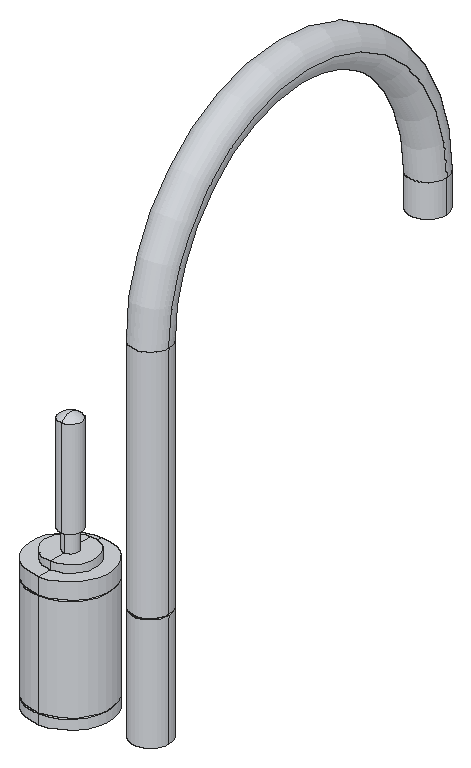
Revit family
Parameters
  Material = none
  Manufacturer = "Revit"
  Description = "Kitchen Tap"
  Assembly Code = "D2010"
Reference planes
  plane 1 "Center (Front/Back)": y = 0
  plane 2: z = 0
  plane 3 "Center (Left/Right)": x = 0
  plane 4: x = -50.985
  plane 5: z = 73.393
Forms (mm)
  Sweep 1, solid, material <- "Material"
    path origin (0, 0, 0) x (0, 1, 0) y (0, 0, 1)
      loop
        arc (221.277, 226.379) -> (110.788, 336.868) -> (0.3, 226.379) r 110.488
        line (0.3, 226.379) -> (0.3, 0)
    profile origin (0, 0, 113.19) x (1, 0, 0) y (0, 1, 0)
      loop
        circle (0, 0.3) r 12
  Extrusion 2, solid, material <- "Material"
    sketch origin (0, 221.277, 226.379) x (1, 0, 0) y (0, -1, 0)
      loop
        circle (0, 0) r 12
    from 0 to 20.964
  Revolve 3, void
    sketch origin (0, 0, 0) x (0, -1, 0) y (0, 0, 1)
      loop
        line (-13.375, 73.393) -> (-11.408, 73.393) -> (-11.408, 74.315) -> (-13.375, 74.315) -> (-13.375, 73.393)
      axis (-0.3, 73.393) -> (-0.3, 74.393)
    angle from 0 to 360
  Revolve 4, solid
    sketch origin (-50.985, -52.018, 0) x (0, -1, 0) y (0, 0, 1)
      loop
        line (-77.614, 7.048) -> (-75.64, 7.048) -> (-75.64, 6.126) -> (-77.614, 6.126) -> (-77.614, 0) -> (-52.318, 0) -> (-52.318, 167.68)
        arc (-52.318, 167.68) -> (-56.183, 166.657) -> (-59.466, 164.376) r 11.534
        line (-59.466, 164.376) -> (-59.466, 101.816) -> (-57.101, 101.816) -> (-57.101, 89.427) -> (-68.42, 89.427) -> (-68.42, 84.643) -> (-77.614, 84.643) -> (-77.614, 74.315) -> (-75.64, 74.315) -> (-75.64, 73.393) -> (-77.614, 73.393) -> (-77.614, 7.048)
      axis (-52.318, 0) -> (-52.318, 167.68)
    angle from 0 to 360
Cuts and joins
  Revolve 3 cuts Sweep 1
  Revolve 3 cuts Extrusion 2
Dimensions and locks
  aligned and locked: Extrusion 2 sketch curve to Sweep 1  (x2)
